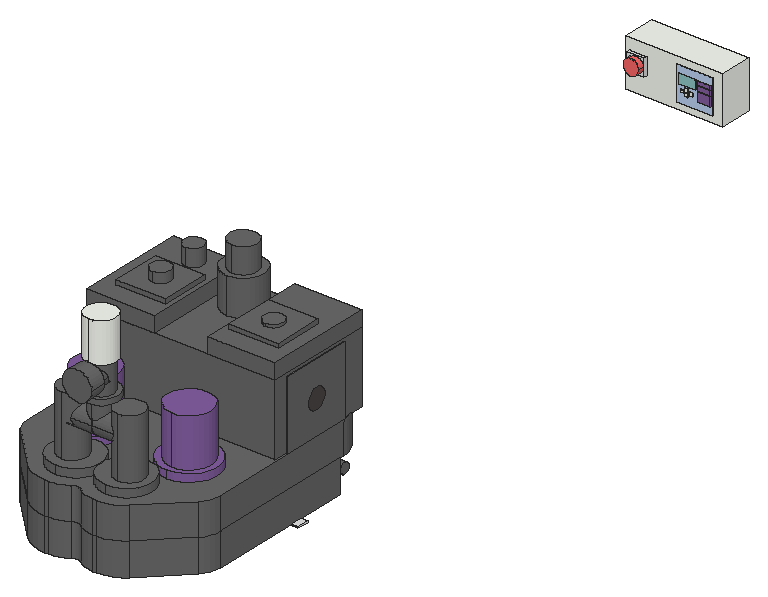
Revit family "11106", category Generic Models, Revit 2021
Family settings
  Can host rebar = No
  Round Connector Dimension = Use Diameter
  Part Type = Normal
  Work Plane-Based = No
  Always vertical = Yes
  Cut with Voids When Loaded = No
  Shared = Yes
  Room Calculation Point = No
Parameters (values of type "11106")
  SUPPLIER = "KESSEL"
  SA700ID49 = "Protection Class I"
  SA700ID48 = "no"
  SA700ID47 = "no"
  SA700ID46 = "yes"
  SA700ID37 = 16000 mm
  SA700ID34 = 47
  SA700ID33 = 3.2 W
  SA700ID32 = 101.93 kg
  SA700ID31 = 1
  SA700ID30 = 1
  SA700ID29 = "GLRD"
  SA700ID21 = 1600
  SA700ID10 = "yes"
  SA700ID08 = 400 V
  PROCUREWEBLINK = "https://p.caden.as/kessel/11106"
  PROCURELINK = "p.caden.as/kessel/11106"
  PROCUREDATALASTUPDATE = "2024-05-22T12:17:58.211701981+01:00"
  PREVIEW = "../../_pool_/53/2a/11106.png"
  PRC_SPECIFICATIONLINK = "https://ausschreiben.de/catalog/kessel/catalogItem/0fdd5ceb-971a-4570-9fc7-8333fc794f94"
  NN = "Lifting station Aqualift F XL"
  NBSYN = "$SA810ID03."
  NB = "11106"
  Model = "11106"
  Manufacturer = "KESSEL"
  MIdent = "{$CADENAS_DATA/23d-libs/kessel/kessel_vdi_import/4/entwaesserung/hebeanlage20aqualift20f20xl.prj},201 {STYP=ASS},{VTYP=3D},{NB=11106},{LINA=11106},{NN=Lifting station Aqualift F XL},{DATE=21.11.2022 10:48:11},{GEOMDATE=21.11.2022 10:48:11},{VERSION=},{LINEID=280},{WBVAR=LODLEVEL},{WBNUMERIC=LODLEVEL}  {NB=11106},{LINA=11106},{KT=DUMMY},{PREVIEW=../../_pool_/53/2a/11106.png},{SA700ID04=Hebeanlage Aqualift F XL 200 l, Mono, SPF 3000-S1, Schieber},{SA810ID06=04026092057735},{SA700ID34=47.00},{SA010ID03=201805},{SA810ID03=11106},{SA810ID10=Aqualift F XL 3000W-S1 Duo 200L m.S.KESSEL Aqualift F XL Hebeanlage für fäkalienhaltiges und fäkalienfreies Abwasser. Zur Aufstellung in frostgeschützten Räumen.Duoanlage mit zwei Pumpen des Typs SPF 3000-S1 Sammelbehälter aus Polyethylen, mit verschraubter Reinigungsöffnung,Anschlussstutzen für Zulauf von oben DN100/150.Inklusive Tauchrohr zur pneumatischen Niveauerfassung,Entlüftungsanschluss DN 70 und Anschluss für eine Handmembranpumpe DN 32.Behälter inklusive Haltewinkel zur Auftriebssicherung.Behältervolumen 200 Liter, max. Nutzvolumen bei Zulauf von oben ca. 120 Liter.Zwei seitliche und zwei rückseitige Anbohrflächen zur Montage weiterer Zuläufe bis DN 200 unter Verwendung von Durchgangsdichtungen.Inklusive KESSEL Schaltgerät Aqualift Comfort 400 V.Anwenderfreundliche Menüführung im mehrzeiligem Display. MitSelbstdiagnosesystem (SDS) und Erinnerungsfunktion für nächste Wartung.Anzeige der aktuellen Messwerte. Einfache Einstellung derfunktionsrelevanten Parameter, inklusive Betriebsstundenzähler und potentialfreiem Kontakt. Optionale Weiterleitung von Alarm- und Sammelstörmeldung über GSM Schnittstelle.Schaltgerät mit Volltextanzeige in sechs Sprachen.Abwasserpumpe(n) mit Freistromrad zur Förderung von fäkalienfreiem und fäkalienhaltigem Abwasser gemäß DIN EN 12050-1. Freier Kugeldurchgang mindestens 40 mm. Pumpe(n) überflutungssicher. Inklusive Rückflussverhinderer, mit Druckabgang aus Kunststoff DN 100. Inklusive Absperrschieber.Pumpe(n) Typ SPF 3000-S1Fördermenge: max. 47 m³/hFörderhöhe: max. 16 mNennleistung (P2): 2,7 KW je PumpeAufnahmeleistung (P1): 3,2 KW je PumpeBetriebsspannung: 400 V DSNennfrequenz: 50 HzNennstrom: 5,4 AAbsicherung: 3 x 16 A trägeSchutzart (Pumpe): IP68 3mWS/48hSchutzart (Schaltgerät): IP 65Bertiebsart: S1Kabellänge: 5 mAußenmaße Anlage mit 200 Liter Behälter (BxTxH): 760 x 980 x 770 mmGewicht ca. 101,93 kg},{SA700ID37=16.00},{SA700ID33=3.20},{SA700ID08=400},{SA700ID30=1},{SA700ID32=101.93},{SA700ID49=Schutzklasse I},{SA700ID50=intern},{SA200ID03=6},{SA250ID03=vertikal},{SA260ID03=Trockenläuferpumpe},{SA350ID03=normalansaugend},{SA400ID03=E-Motor für Drehstrom},{SA460ID03=direkt},{SA500ID03=Kunststoff, Edelstahl},{SA700ID06=100},{SA700ID07=100},{SA700ID09=3/N/PE 400V},{SA700ID10=Ja},{SA700ID11=50},{SA700ID12=IP 68},{SA700ID13=F},{SA700ID15=40},{SA700ID21=1600.00},{SA700ID22=2.70},{SA700ID23=2890},{SA700ID24=2890},{SA700ID26=5.40},{SA700ID27=41.00},{SA700ID28=durchgehend},{SA700ID29=GLRD},{SA700ID31=1},{SA700ID46=ja},{SA700ID47=nein},{SA700ID48=nein},{SA110ID04=Hebeanlage Aqualift F XL},{SA300ID03=einstufig},{SA700ID44=10.00},{SA700ID45=10.00},{SA010ID04=KESSEL AG},{LODLEVEL=200},{LINK=https://www.kessel.de/info?han=11106},{SA970ID01=970},{SA970ID02=7141},{SA970ID03=11106},{SA970ID04=11002617},{SA970ID05=QUAD},{SA970ID06=-410},{SA970ID07=-850},{SA970ID08=0},{SA970ID09=1},{SA970ID10=0},{SA970ID11=0},{SA970ID12=0},{SA970ID13=1},{SA970ID14=0},{SA970ID15=820},{SA970ID16=980},{SA970ID17=819},{LODLEVEL_=200,'Low'},{LODLEVEL_DEU=200,'Low'},{LINK_=https://www.kessel.de/info?han=11106},{LINK_DEU=https://www.kessel.de/info?han=11106},{LODLEVEL_3DB=11106_200},{DNIN1=100},{DNIN2=70},{DNIN4=10},{DNIN5=10},{DNIN6=50},{DNIN7=50},{DNIN8=50},{DNIN9=50},{DNOUT1=32},{DNOUT2=100},{DNOUT3=70},{ISD1=96},{ISD2=10},{ISDOUT1=40},{ISDOUT2=60},{ISDOUT3=65},{SA010ID01=010},{SA010ID02=4},{SA010ID06=www.kessel.de},{SA010ID07=www.kessel.de},{SA010ID12=20180713},{SA010ID13=DEU},{SA010ID14=DE},{SA100ID01=100},{SA100ID02=4},{SA100ID04=Entwässerung},{SA110ID01=110},{SA110ID02=6},{SA200ID01=200},{SA200ID02=6},{SA250ID01=250},{SA250ID02=2},{SA260ID01=260},{SA260ID02=2},{SA300ID01=300},{SA300ID02=1},{SA350ID01=350},{SA350ID02=1},{SA400ID01=400},{SA400ID02=2},{SA460ID01=460},{SA460ID02=1},{SA500ID01=500},{SA500ID02=1},{SA700ID01=700},{SA700ID02=75},{SA700ID10_=1},{SA700ID16=0},{SA700ID25=0},{SA700ID46_=1},{SA700ID47_=0},{SA700ID48_=0},{SA700ID49_=1},{SA700ID50_=2},{SA800ID01=800},{SA800ID02=39},{SA810ID01=810},{SA810ID02=75},{SA810ID04=11106},{SA810ID07=75},{SA810ID09=1},{SA810ID14=PCE},{SA810ID15=1},{SA810ID16=NMP},{SA960ID03=75},{SA960ID04=3L},{SA960ID08=https://www.kessel.de/info?han=11106},{SA010ID08=4026092000007},{SA100ID05=Hebeanlage},{SA110ID06=Hebeanlage}"
  LINK = "https://www.kessel.de/info?han=11106"
  LINA = "11106"
  Default Elevation = 0 mm
  CREATOR = "CADENAS GmbH"
  CATALOG = "KESSEL"
  BOMINFO = "LINA"
  ARTICLENO = "NB"
  4.810.00.9 Order quantity (multiplicator) = "1"
  4.810.00.7 Media- connection number = "75"
  4.810.00.6 GTIN number = "04026092057735"
  4.810.00.4 DATANORM number = "11106"
  4.810.00.3 Producer order number = "11106"
  4.710.03.7 Mass (net) = 101.93 kg
  4.710.03.6 Height = 807 mm
  4.710.03.5 Width = 760 mm
  4.710.03.4 Length = 980 mm
  4.710.03.3 Type of dimensions = "2"
  4.710.02.8 Area of application of wastewater pump = "1"
  4.710.02.6 Duty type = "S1"
  4.710.02.5 Cutting device = "0"
  4.710.02.4 Attached pump control = "1"
  4.710.02.3 Free passage = 40 mm
  4.710.01.6 Option to connect to building automation = "40"
  4.710.01.5 Load regulation = "0"
  4.710.01.4 Designation of closed-loop control = "120"
  4.710.01.3 Identifier for closed-loop control = "200"
  4.700.00.9 Voltage = 0
  4.700.00.8 Nominal connection size on suction side = "100"
  4.700.00.7 Nominal connection size on pressure side = "100"
  4.700.00.6 Type of connection = "100"
  4.700.00.4 Product indentification = "Hebeanlage Aqualift F XL 200 l, Mono, SPF 3000-S1, Schieber"
  4.700.00.28 Motor pump shaft = "durchgehend"
  4.700.00.27 Starting current = 41
  4.700.00.26 Maximum power consumption per pump / drive = 5.4
  4.700.00.25 Minimum speed at internal speed adjustment = 0
  4.700.00.24 Nominal speed / maximum speed n = 48.1667
  4.700.00.23 Nominal speed of motor = 48.1667
  4.700.00.22 Maximum shaft output (P2) per pump/drive = 2.7 W
  4.700.00.16 Maximum temperature of pumped medium = 0 °C
  4.700.00.15 Increased safety class = "40 °C"
  4.700.00.13 Type of protection = "F"
  4.700.00.12 Frequency = 0
  4.700.00.11 Stern-/Dreieck-Anlaufschaltung bei Dreiphasenanschluss oder Drehstrom = "50 Hz"
  4.700.00.10 Phase = "1"
  4.500.00.3 Variant / Variant type / Accessories-name = "Kunststoff, Edelstahl"
  4.460.00.3 Variant / Variant type / Accessories-name = "direkt"
  4.400.00.3 Variant / Variant type / Accessories-name = "E-Motor für Drehstrom"
  4.350.00.3 Variant / Variant type / Accessories-name = "normalansaugend"
  4.300.00.3 Variant / Variant type / Accessories-name = "einstufig"
  4.260.00.3 Variant / Variant type / Accessories-name = "Trockenläuferpumpe"
  4.250.00.3 Variant / Variant type / Accessories-name = "vertikal"
  4.200.00.3 Variant / Variant type / Accessories-name = "6"
  4.110.00.6 Product classification = "Hebeanlage"
  4.110.00.4 Product indentification = "Hebeanlage Aqualift F XL"
  4.100.00.5 Main groups of wares = "Hebeanlage"
  4.100.00.4 Product indentification = "Entwässerung"
  4.010.00.8 Producer ID number = "4026092000007"
  4.010.00.7 Comment = "www.kessel.de"
  4.010.00.6 Web address of the manufacturer = "www.kessel.de"
  4.010.00.4 Manufacturer name = "KESSEL AG"
  4.010.00.3 Date of issuance (month) of guideline = "201805"
  4.010.00.2 Sheet number of the guideline = "4"
  4.010.00.14 Kennungen der Projektländer, für die die Datei gültig ist = "DE"
  4.010.00.13 Sprache der Datei = "DEU"
  4.010.00.12 Stand des Herstellerkatalogs = "20180713"
Reference planes
  plane 1 "Center (Front/Back)": y = 0
  plane 2: z = 0
  plane 3 "Center (Left/Right)": x = 0
Forms (mm)
  Extrusion 1, void
    sketch origin (380.5, -115, 392) x (0, -1, 0) y (0, 0, 1)
      loop
        line (-0.5, -0.5) -> (0.5, -0.5) -> (0.5, 0.5) -> (-0.5, 0.5) -> (-0.5, -0.5)
    from 0 to 1
  Extrusion 2, void
    sketch origin (160.15, 130.5, 392) x (1, 0, 0) y (0, 0, 1)
      loop
        line (-0.5, -0.5) -> (0.5, -0.5) -> (0.5, 0.5) -> (-0.5, 0.5) -> (-0.5, -0.5)
    from 0 to 1
  Extrusion 3, void
    sketch origin (-161, 130.5, 392) x (1, 0, 0) y (0, 0, 1)
      loop
        line (-0.5, -0.5) -> (0.5, -0.5) -> (0.5, 0.5) -> (-0.5, 0.5) -> (-0.5, -0.5)
    from 0 to 1
  Extrusion 4, void
    sketch origin (-380.5, -115, 392) x (0, 1, 0) y (0, 0, 1)
      loop
        line (-0.5, -0.5) -> (0.5, -0.5) -> (0.5, 0.5) -> (-0.5, 0.5) -> (-0.5, -0.5)
    from 0 to 1
Dimensions and locks
  locked: plane 2 to Extrusion 1 at 392.5
  locked: plane 2 to Extrusion 1 at 391.5
  locked: plane 2 to Extrusion 2 at 392.5
  locked: plane 2 to Extrusion 2 at 391.5
  locked: plane 2 to Extrusion 3 at 392.5
  locked: plane 2 to Extrusion 3 at 391.5
  locked: plane 2 to Extrusion 4 at 392.5
  locked: plane 2 to Extrusion 4 at 391.5
  aligned and locked: level to plane 2
Nested families
  nested 1: "11106_content" at (0, 0, 0), type "11106_Content"
  nested 2: "11106_part1_X0Y0" at (1000, 1000, 1200), type "11106_PART1_X0Y0"
  nested 3: "11106_part2_X0Y0" at (0, 0, 0), type "11106_PART2_X0Y0"
Connectors
  electrical at (861, 933, 1201.5)
    settings: on nested 2, index 1, voltage 0 V, apparent load 0 VA, apparent load phase1 0 VA, apparent load phase2 0 VA, apparent load phase3 0 VA, power factor 1, load classification "Other", number of poles 1, system type 31, power factor state 1, is connector primary yes, connector utility no, sub classification motor no, connector description ""
  piping at (0, 0, 771), diameter 100
    settings: on nested 3, index 2, connector inside diameter 609.6 mm, connector length 0 mm, flow factor 0, pipe flow 0.0 L/s, pressure drop 0.0 Pa, fitting loss kfactor 0, connector angle 0.00°, fixture units 0, engagement length 0 mm, angle of deflection 0.00°, flow configuration 0, flow direction 1, fitting loss method 2, system type 8, joint type 0, gender type 0, connector reference index -1, connector utility 0, adjustable connector no, is connector primary yes, connector description ""
  piping at (380.5, -115, 392), diameter 70
    settings: on Extrusion 1, index 3, connector inside diameter 609.6 mm, connector length 0 mm, flow factor 0, pipe flow 0.0 L/s, pressure drop 0.0 Pa, fitting loss kfactor 0, connector angle 0.00°, fixture units 0, engagement length 0 mm, angle of deflection 0.00°, flow configuration 0, flow direction 0, fitting loss method 2, system type 8, joint type 0, gender type 0, connector reference index -1, connector utility 0, adjustable connector no, is connector primary no, connector description ""
  piping at (160.15, 130.5, 392), diameter 70
    settings: on Extrusion 2, index 4, connector inside diameter 609.6 mm, connector length 0 mm, flow factor 0, pipe flow 0.0 L/s, pressure drop 0.0 Pa, fitting loss kfactor 0, connector angle 0.00°, fixture units 0, engagement length 0 mm, angle of deflection 0.00°, flow configuration 0, flow direction 0, fitting loss method 2, system type 8, joint type 0, gender type 0, connector reference index -1, connector utility 0, adjustable connector no, is connector primary no, connector description ""
  piping at (-161, 130.5, 392), diameter 70
    settings: on Extrusion 3, index 5, connector inside diameter 609.6 mm, connector length 0 mm, flow factor 0, pipe flow 0.0 L/s, pressure drop 0.0 Pa, fitting loss kfactor 0, connector angle 0.00°, fixture units 0, engagement length 0 mm, angle of deflection 0.00°, flow configuration 0, flow direction 0, fitting loss method 2, system type 8, joint type 0, gender type 0, connector reference index -1, connector utility 0, adjustable connector no, is connector primary no, connector description ""
  piping at (-380.5, -115, 392), diameter 70
    settings: on Extrusion 4, index 6, connector inside diameter 609.6 mm, connector length 0 mm, flow factor 0, pipe flow 0.0 L/s, pressure drop 0.0 Pa, fitting loss kfactor 0, connector angle 0.00°, fixture units 0, engagement length 0 mm, angle of deflection 0.00°, flow configuration 0, flow direction 0, fitting loss method 2, system type 8, joint type 0, gender type 0, connector reference index -1, connector utility 0, adjustable connector no, is connector primary no, connector description ""
  piping at (0, -818, 611), diameter 100
    settings: on nested 3, index 7, connector inside diameter 609.6 mm, connector length 0 mm, flow factor 0, pipe flow 0.0 L/s, pressure drop 0.0 Pa, fitting loss kfactor 0, connector angle 0.00°, fixture units 0, engagement length 0 mm, angle of deflection 0.00°, flow configuration 0, flow direction 2, fitting loss method 2, system type 7, joint type 0, gender type 0, connector reference index -1, connector utility 0, adjustable connector no, is connector primary no, connector description ""
  piping at (-225, 36, 661), diameter 70
    settings: on nested 3, index 8, connector inside diameter 609.6 mm, connector length 0 mm, flow factor 0, pipe flow 0.0 L/s, pressure drop 0.0 Pa, fitting loss kfactor 0, connector angle 0.00°, fixture units 0, engagement length 0 mm, angle of deflection 0.00°, flow configuration 0, flow direction 2, fitting loss method 2, system type 7, joint type 0, gender type 0, connector reference index -1, connector utility 0, adjustable connector no, is connector primary no, connector description ""
  piping at (354.5, 56, 60), diameter 32
    settings: on nested 3, index 9, connector inside diameter 609.6 mm, connector length 0 mm, flow factor 0, pipe flow 0.0 L/s, pressure drop 0.0 Pa, fitting loss kfactor 0, connector angle 0.00°, fixture units 0, engagement length 0 mm, angle of deflection 0.00°, flow configuration 0, flow direction 2, fitting loss method 2, system type 7, joint type 0, gender type 0, connector reference index -1, connector utility 0, adjustable connector no, is connector primary no, connector description ""
  electrical at (185, -497, 477)
    settings: on nested 3, index 10, voltage 0 V, apparent load 0 VA, apparent load phase1 0 VA, apparent load phase2 0 VA, apparent load phase3 0 VA, power factor 1, load classification "Other", number of poles 1, system type 31, power factor state 1, is connector primary no, connector utility no, sub classification motor no, connector description ""
  electrical at (-185, -496.75, 477)
    settings: on nested 3, index 11, voltage 0 V, apparent load 0 VA, apparent load phase1 0 VA, apparent load phase2 0 VA, apparent load phase3 0 VA, power factor 1, load classification "Other", number of poles 1, system type 31, power factor state 1, is connector primary no, connector utility no, sub classification motor no, connector description ""
  electrical at (-222.5, -129, 650)
    settings: on nested 3, index 12, voltage 0 V, apparent load 0 VA, apparent load phase1 0 VA, apparent load phase2 0 VA, apparent load phase3 0 VA, power factor 1, load classification "Other", number of poles 1, system type 31, power factor state 1, is connector primary no, connector utility no, sub classification motor no, connector description ""
Definition of nested family "11106_part1_X0Y0"
  Parameters (values of type "11106_PART1_X0Y0")
    SUPPLIER = "KESSEL"
    SA700ID49 = "Protection Class I"
    SA700ID48 = "no"
    SA700ID47 = "no"
    SA700ID46 = "yes"
    SA700ID37 = 16000 mm
    SA700ID34 = 47
    SA700ID33 = 3.2 W
    SA700ID32 = 101.93 kg
    SA700ID31 = 1
    SA700ID30 = 1
    SA700ID29 = "GLRD"
    SA700ID21 = 1600
    SA700ID10 = "yes"
    SA700ID08 = 400 V
    PREVIEW = "../../_pool_/53/2a/11106.png"
    NBSYN = "$SA810ID03._PART1"
    NB = "11106_PART1"
    Model = "11106_PART1"
    Manufacturer = "KESSEL"
    MIdent = "{$CADENAS_DATA/23d-libs/kessel/kessel_vdi_import/4/entwaesserung/hebeanlage20aqualift20f20xl.prj},221 {VTYP=3D},{NB=11106_PART1},{LINA=11106_PART1},{NN=Lifting station Aqualift F XL_PART1},{NOPRJ=TRUE},{DATE=21.11.2022 10:48:11},{GEOMDATE=21.11.2022 10:48:11},{VERSION=},{LINEID=280},{WBVAR=LODLEVEL},{WBNUMERIC=LODLEVEL}  {NB=11106_PART1},{LINA=11106_PART1},{KT=DUMMY},{PREVIEW=../../_pool_/53/2a/11106.png},{SA700ID04=Hebeanlage Aqualift F XL 200 l, Mono, SPF 3000-S1, Schieber},{SA810ID06=04026092057735},{SA700ID34=47.00},{SA010ID03=201805},{SA810ID03=11106},{SA810ID10=Aqualift F XL 3000W-S1 Duo 200L m.S.KESSEL Aqualift F XL Hebeanlage für fäkalienhaltiges und fäkalienfreies Abwasser. Zur Aufstellung in frostgeschützten Räumen.Duoanlage mit zwei Pumpen des Typs SPF 3000-S1 Sammelbehälter aus Polyethylen, mit verschraubter Reinigungsöffnung,Anschlussstutzen für Zulauf von oben DN100/150.Inklusive Tauchrohr zur pneumatischen Niveauerfassung,Entlüftungsanschluss DN 70 und Anschluss für eine Handmembranpumpe DN 32.Behälter inklusive Haltewinkel zur Auftriebssicherung.Behältervolumen 200 Liter, max. Nutzvolumen bei Zulauf von oben ca. 120 Liter.Zwei seitliche und zwei rückseitige Anbohrflächen zur Montage weiterer Zuläufe bis DN 200 unter Verwendung von Durchgangsdichtungen.Inklusive KESSEL Schaltgerät Aqualift Comfort 400 V.Anwenderfreundliche Menüführung im mehrzeiligem Display. MitSelbstdiagnosesystem (SDS) und Erinnerungsfunktion für nächste Wartung.Anzeige der aktuellen Messwerte. Einfache Einstellung derfunktionsrelevanten Parameter, inklusive Betriebsstundenzähler und potentialfreiem Kontakt. Optionale Weiterleitung von Alarm- und Sammelstörmeldung über GSM Schnittstelle.Schaltgerät mit Volltextanzeige in sechs Sprachen.Abwasserpumpe(n) mit Freistromrad zur Förderung von fäkalienfreiem und fäkalienhaltigem Abwasser gemäß DIN EN 12050-1. Freier Kugeldurchgang mindestens 40 mm. Pumpe(n) überflutungssicher. Inklusive Rückflussverhinderer, mit Druckabgang aus Kunststoff DN 100. Inklusive Absperrschieber.Pumpe(n) Typ SPF 3000-S1Fördermenge: max. 47 m³/hFörderhöhe: max. 16 mNennleistung (P2): 2,7 KW je PumpeAufnahmeleistung (P1): 3,2 KW je PumpeBetriebsspannung: 400 V DSNennfrequenz: 50 HzNennstrom: 5,4 AAbsicherung: 3 x 16 A trägeSchutzart (Pumpe): IP68 3mWS/48hSchutzart (Schaltgerät): IP 65Bertiebsart: S1Kabellänge: 5 mAußenmaße Anlage mit 200 Liter Behälter (BxTxH): 760 x 980 x 770 mmGewicht ca. 101,93 kg},{SA700ID37=16.00},{SA700ID33=3.20},{SA700ID08=400},{SA700ID30=1},{SA700ID32=101.93},{SA700ID49=Schutzklasse I},{SA700ID50=intern},{SA200ID03=6},{SA250ID03=vertikal},{SA260ID03=Trockenläuferpumpe},{SA350ID03=normalansaugend},{SA400ID03=E-Motor für Drehstrom},{SA460ID03=direkt},{SA500ID03=Kunststoff, Edelstahl},{SA700ID06=100},{SA700ID07=100},{SA700ID09=3/N/PE 400V},{SA700ID10=Ja},{SA700ID11=50},{SA700ID12=IP 68},{SA700ID13=F},{SA700ID15=40},{SA700ID21=1600.00},{SA700ID22=2.70},{SA700ID23=2890},{SA700ID24=2890},{SA700ID26=5.40},{SA700ID27=41.00},{SA700ID28=durchgehend},{SA700ID29=GLRD},{SA700ID31=1},{SA700ID46=ja},{SA700ID47=nein},{SA700ID48=nein},{SA110ID04=Hebeanlage Aqualift F XL},{SA300ID03=einstufig},{SA700ID44=10.00},{SA700ID45=10.00},{SA010ID04=KESSEL AG},{LODLEVEL=200},{LINK=https://www.kessel.de/info?han=11106},{SA970ID01=970},{SA970ID02=7141},{SA970ID03=11106},{SA970ID04=11002617},{SA970ID05=QUAD},{SA970ID06=-410},{SA970ID07=-850},{SA970ID08=0},{SA970ID09=1},{SA970ID10=0},{SA970ID11=0},{SA970ID12=0},{SA970ID13=1},{SA970ID14=0},{SA970ID15=820},{SA970ID16=980},{SA970ID17=819},{LODLEVEL_=200,'Low'},{LODLEVEL_DEU=200,'Low'},{LINK_=https://www.kessel.de/info?han=11106},{LINK_DEU=https://www.kessel.de/info?han=11106},{LODLEVEL_3DB=11106_200},{DNIN1=100},{DNIN2=70},{DNIN4=10},{DNIN5=10},{DNIN6=50},{DNIN7=50},{DNIN8=50},{DNIN9=50},{DNOUT1=32},{DNOUT2=100},{DNOUT3=70},{ISD1=96},{ISD2=10},{ISDOUT1=40},{ISDOUT2=60},{ISDOUT3=65},{SA010ID01=010},{SA010ID02=4},{SA010ID06=www.kessel.de},{SA010ID07=www.kessel.de},{SA010ID12=20180713},{SA010ID13=DEU},{SA010ID14=DE},{SA100ID01=100},{SA100ID02=4},{SA100ID04=Entwässerung},{SA110ID01=110},{SA110ID02=6},{SA200ID01=200},{SA200ID02=6},{SA250ID01=250},{SA250ID02=2},{SA260ID01=260},{SA260ID02=2},{SA300ID01=300},{SA300ID02=1},{SA350ID01=350},{SA350ID02=1},{SA400ID01=400},{SA400ID02=2},{SA460ID01=460},{SA460ID02=1},{SA500ID01=500},{SA500ID02=1},{SA700ID01=700},{SA700ID02=75},{SA700ID10_=1},{SA700ID16=0},{SA700ID25=0},{SA700ID46_=1},{SA700ID47_=0},{SA700ID48_=0},{SA700ID49_=1},{SA700ID50_=2},{SA800ID01=800},{SA800ID02=39},{SA810ID01=810},{SA810ID02=75},{SA810ID04=11106},{SA810ID07=75},{SA810ID09=1},{SA810ID14=PCE},{SA810ID15=1},{SA810ID16=NMP},{SA960ID03=75},{SA960ID04=3L},{SA960ID08=https://www.kessel.de/info?han=11106},{SA010ID08=4026092000007},{SA100ID05=Hebeanlage},{SA110ID06=Hebeanlage}"
    LINK = "https://www.kessel.de/info?han=11106"
    LINA = "11106_PART1"
    Default Elevation = 1219.2 mm
    CREATOR = "CADENAS GmbH"
    CATALOG = "KESSEL"
    BOMINFO = "LINA"
    ARTICLENO = "NB"
    4.810.00.9 Order quantity (multiplicator) = "1"
    4.810.00.7 Media- connection number = "75"
    4.810.00.6 GTIN number = "04026092057735"
    4.810.00.4 DATANORM number = "11106"
    4.810.00.3 Producer order number = "11106"
    4.710.03.7 Mass (net) = 101.93 kg
    4.710.03.6 Height = 807 mm
    4.710.03.5 Width = 760 mm
    4.710.03.4 Length = 980 mm
    4.710.03.3 Type of dimensions = "2"
    4.710.02.8 Area of application of wastewater pump = "1"
    4.710.02.6 Duty type = "S1"
    4.710.02.5 Cutting device = "0"
    4.710.02.4 Attached pump control = "1"
    4.710.02.3 Free passage = 40 mm
    4.710.01.6 Option to connect to building automation = "40"
    4.710.01.5 Load regulation = "0"
    4.710.01.4 Designation of closed-loop control = "120"
    4.710.01.3 Identifier for closed-loop control = "200"
    4.700.00.9 Voltage = 0
    4.700.00.8 Nominal connection size on suction side = "100"
    4.700.00.7 Nominal connection size on pressure side = "100"
    4.700.00.6 Type of connection = "100"
    4.700.00.4 Product indentification = "Hebeanlage Aqualift F XL 200 l, Mono, SPF 3000-S1, Schieber"
    4.700.00.28 Motor pump shaft = "durchgehend"
    4.700.00.27 Starting current = 41
    4.700.00.26 Maximum power consumption per pump / drive = 5.4
    4.700.00.25 Minimum speed at internal speed adjustment = 0
    4.700.00.24 Nominal speed / maximum speed n = 48.1667
    4.700.00.23 Nominal speed of motor = 48.1667
    4.700.00.22 Maximum shaft output (P2) per pump/drive = 2.7 W
    4.700.00.16 Maximum temperature of pumped medium = 0 °C
    4.700.00.15 Increased safety class = "40 °C"
    4.700.00.13 Type of protection = "F"
    4.700.00.12 Frequency = 0
    4.700.00.11 Stern-/Dreieck-Anlaufschaltung bei Dreiphasenanschluss oder Drehstrom = "50 Hz"
    4.700.00.10 Phase = "1"
    4.500.00.3 Variant / Variant type / Accessories-name = "Kunststoff, Edelstahl"
    4.460.00.3 Variant / Variant type / Accessories-name = "direkt"
    4.400.00.3 Variant / Variant type / Accessories-name = "E-Motor für Drehstrom"
    4.350.00.3 Variant / Variant type / Accessories-name = "normalansaugend"
    4.300.00.3 Variant / Variant type / Accessories-name = "einstufig"
    4.260.00.3 Variant / Variant type / Accessories-name = "Trockenläuferpumpe"
    4.250.00.3 Variant / Variant type / Accessories-name = "vertikal"
    4.200.00.3 Variant / Variant type / Accessories-name = "6"
    4.110.00.6 Product classification = "Hebeanlage"
    4.110.00.4 Product indentification = "Hebeanlage Aqualift F XL"
    4.100.00.5 Main groups of wares = "Hebeanlage"
    4.100.00.4 Product indentification = "Entwässerung"
    4.010.00.8 Producer ID number = "4026092000007"
    4.010.00.7 Comment = "www.kessel.de"
    4.010.00.6 Web address of the manufacturer = "www.kessel.de"
    4.010.00.4 Manufacturer name = "KESSEL AG"
    4.010.00.3 Date of issuance (month) of guideline = "201805"
    4.010.00.2 Sheet number of the guideline = "4"
    4.010.00.14 Kennungen der Projektländer, für die die Datei gültig ist = "DE"
    4.010.00.13 Sprache der Datei = "DEU"
    4.010.00.12 Stand des Herstellerkatalogs = "20180713"
  Reference planes
    plane 1 "Center (Front/Back)": y = 0
    plane 2: z = 0
    plane 3 "Center (Left/Right)": x = 0
  Dimensions and locks
    aligned and locked: level to plane 2
  Nested families
    nested 1: "11106_part1_content" at (0, 0, 0), type "11106_PART1_Content"
  Definition of nested family "11106_part1_content"
    Parameters (values of type "11106_PART1_Content")
      SUPPLIER = "KESSEL"
      SA700ID49 = "Protection Class I"
      SA700ID48 = "no"
      SA700ID47 = "no"
      SA700ID46 = "yes"
      SA700ID37 = 16000 mm
      SA700ID34 = 47
      SA700ID33 = 3.2 W
      SA700ID32 = 101.93 kg
      SA700ID31 = 1
      SA700ID30 = 1
      SA700ID29 = "GLRD"
      SA700ID21 = 1600
      SA700ID10 = "yes"
      SA700ID08 = 400 V
      PREVIEW = "../../_pool_/53/2a/11106.png"
      NBSYN = "$SA810ID03._PART1"
      NB = "11106_PART1"
      Model = "11106_PART1"
      Manufacturer = "KESSEL"
      LINK = "https://www.kessel.de/info?han=11106"
      LINA = "11106_PART1"
      Default Elevation = 1219.2 mm
      CREATOR = "CADENAS GmbH"
      CATALOG = "KESSEL"
      BOMINFO = "LINA"
      ARTICLENO = "NB"
      4.810.00.9 Order quantity (multiplicator) = "1"
      4.810.00.7 Media- connection number = "75"
      4.810.00.6 GTIN number = "04026092057735"
      4.810.00.4 DATANORM number = "11106"
      4.810.00.3 Producer order number = "11106"
      4.710.03.7 Mass (net) = 101.93 kg
      4.710.03.6 Height = 807 mm
      4.710.03.5 Width = 760 mm
      4.710.03.4 Length = 980 mm
      4.710.03.3 Type of dimensions = "2"
      4.710.02.8 Area of application of wastewater pump = "1"
      4.710.02.6 Duty type = "S1"
      4.710.02.5 Cutting device = "0"
      4.710.02.4 Attached pump control = "1"
      4.710.02.3 Free passage = 40 mm
      4.710.01.6 Option to connect to building automation = "40"
      4.710.01.5 Load regulation = "0"
      4.710.01.4 Designation of closed-loop control = "120"
      4.710.01.3 Identifier for closed-loop control = "200"
      4.700.00.9 Voltage = 0
      4.700.00.8 Nominal connection size on suction side = "100"
      4.700.00.7 Nominal connection size on pressure side = "100"
      4.700.00.6 Type of connection = "100"
      4.700.00.4 Product indentification = "Hebeanlage Aqualift F XL 200 l, Mono, SPF 3000-S1, Schieber"
      4.700.00.28 Motor pump shaft = "durchgehend"
      4.700.00.27 Starting current = 41
      4.700.00.26 Maximum power consumption per pump / drive = 5.4
      4.700.00.25 Minimum speed at internal speed adjustment = 0
      4.700.00.24 Nominal speed / maximum speed n = 48.1667
      4.700.00.23 Nominal speed of motor = 48.1667
      4.700.00.22 Maximum shaft output (P2) per pump/drive = 2.7 W
      4.700.00.16 Maximum temperature of pumped medium = 0 °C
      4.700.00.15 Increased safety class = "40 °C"
      4.700.00.13 Type of protection = "F"
      4.700.00.12 Frequency = 0
      4.700.00.11 Stern-/Dreieck-Anlaufschaltung bei Dreiphasenanschluss oder Drehstrom = "50 Hz"
      4.700.00.10 Phase = "1"
      4.500.00.3 Variant / Variant type / Accessories-name = "Kunststoff, Edelstahl"
      4.460.00.3 Variant / Variant type / Accessories-name = "direkt"
      4.400.00.3 Variant / Variant type / Accessories-name = "E-Motor für Drehstrom"
      4.350.00.3 Variant / Variant type / Accessories-name = "normalansaugend"
      4.300.00.3 Variant / Variant type / Accessories-name = "einstufig"
      4.260.00.3 Variant / Variant type / Accessories-name = "Trockenläuferpumpe"
      4.250.00.3 Variant / Variant type / Accessories-name = "vertikal"
      4.200.00.3 Variant / Variant type / Accessories-name = "6"
      4.110.00.6 Product classification = "Hebeanlage"
      4.110.00.4 Product indentification = "Hebeanlage Aqualift F XL"
      4.100.00.5 Main groups of wares = "Hebeanlage"
      4.100.00.4 Product indentification = "Entwässerung"
      4.010.00.8 Producer ID number = "4026092000007"
      4.010.00.7 Comment = "www.kessel.de"
      4.010.00.6 Web address of the manufacturer = "www.kessel.de"
      4.010.00.4 Manufacturer name = "KESSEL AG"
      4.010.00.3 Date of issuance (month) of guideline = "201805"
      4.010.00.2 Sheet number of the guideline = "4"
      4.010.00.14 Kennungen der Projektländer, für die die Datei gültig ist = "DE"
      4.010.00.13 Sprache der Datei = "DEU"
      4.010.00.12 Stand des Herstellerkatalogs = "20180713"
    Reference planes
      plane 1 "Center (Front/Back)": y = 0
      plane 2: z = 0
      plane 3 "Center (Left/Right)": x = 0
    Forms (mm)
      Extrusion 1, solid, detail levels medium+fine
        sketch origin (189.25, -1.75, 0.2) x (0, -1, 0) y (0, 0, 1)
          loop
            line (0, 187.8) -> (0, 0) -> (127.75, 0) -> (127.75, 187.8) -> (0, 187.8)
        from 0 to 378.5
      Extrusion 2, solid, detail levels medium+fine
        sketch origin (-4, -67, 0) x (0, 1, 0) y (-1, 0, 0)
          loop
            circle (0, 0) r 12.5
        from 0 to 1.5
      Extrusion 3, solid, detail levels medium+fine
        sketch origin (150.8, -129.5, 26.5) x (0, -1, 0) y (0, 0, 1)
          loop
            line (-1.2, 134.8) -> (-1.2, 0) -> (0.25, 0) -> (0.25, 134.8) -> (-1.2, 134.8)
        from 0 to 139.9
      Extrusion 4, solid, detail levels medium+fine
        sketch origin (72.55, -129.75, 66) x (0, -1, 0) y (0, 0, 1)
          loop
            line (-1, 12) -> (-1, 0) -> (0.5, 0) -> (0.5, 12) -> (-1, 12)
        from 0 to 12
      Extrusion 5, solid, detail levels medium+fine
        sketch origin (84.45, -129.75, 93.4) x (0, -1, 0) y (0, 0, 1)
          loop
            line (-1, 37) -> (-1, 0) -> (0.5, 0) -> (0.5, 37) -> (-1, 37)
        from 0 to 66
      Extrusion 6, solid, detail levels medium+fine
        sketch origin (55.3, -129.75, 74) x (0, -1, 0) y (0, 0, 1)
          loop
            line (-1, 12) -> (-1, 0) -> (0.5, 0) -> (0.5, 12) -> (-1, 12)
        from 0 to 12
      Extrusion 7, solid, detail levels medium+fine
        sketch origin (143.3, -129.75, 94.4) x (0, -1, 0) y (0, 0, 1)
          loop
            line (0, 16) -> (0, 0) -> (1.75, 0) -> (1.75, 16) -> (0, 16)
        from 0 to 51
      Extrusion 8, solid, detail levels medium+fine
        sketch origin (143.3, -129.75, 54.4) x (0, -1, 0) y (0, 0, 1)
          loop
            line (0, 36) -> (0, 0) -> (1.75, 0) -> (1.75, 36) -> (0, 36)
        from 0 to 51
      Extrusion 9, solid, detail levels medium+fine
        sketch origin (55.3, -129.75, 57.5) x (0, -1, 0) y (0, 0, 1)
          loop
            line (-1, 12) -> (-1, 0) -> (0.5, 0) -> (0.5, 12) -> (-1, 12)
        from 0 to 12
      Extrusion 10, solid, detail levels medium+fine
        sketch origin (143.3, -129.75, 114.4) x (0, -1, 0) y (0, 0, 1)
          loop
            line (0, 16) -> (0, 0) -> (1.75, 0) -> (1.75, 16) -> (0, 16)
        from 0 to 51
      Extrusion 11, solid, detail levels medium+fine
        sketch origin (38.05, -129.75, 66) x (0, -1, 0) y (0, 0, 1)
          loop
            line (-1, 12) -> (-1, 0) -> (0.5, 0) -> (0.5, 12) -> (-1, 12)
        from 0 to 12
      Extrusion 12, solid, detail levels medium+fine
        sketch origin (47, -72, 0) x (0, 1, 0) y (-1, 0, 0)
          loop
            circle (0, 0) r 8
        from 0 to 1.5
      Extrusion 13, solid, detail levels medium+fine
        sketch origin (47, -42, 0) x (0, 1, 0) y (-1, 0, 0)
          loop
            circle (0, 0) r 5.25
        from 0 to 1.5
      Extrusion 14, solid, detail levels medium+fine
        sketch origin (77, -72, 0) x (0, 1, 0) y (-1, 0, 0)
          loop
            circle (0, 0) r 8
        from 0 to 1.5
      Extrusion 15, solid, detail levels medium+fine
        sketch origin (-94, -67, 0) x (0, 1, 0) y (-1, 0, 0)
          loop
            circle (0, 0) r 12.5
        from 0 to 1.5
      Extrusion 16, solid, detail levels medium+fine
        sketch origin (92, -42, 0) x (0, 1, 0) y (-1, 0, 0)
          loop
            circle (0, 0) r 8
        from 0 to 1.5
      Extrusion 17, solid, detail levels medium+fine
        sketch origin (107, -72, 0) x (0, 1, 0) y (-1, 0, 0)
          loop
            circle (0, 0) r 8
        from 0 to 1.5
      Extrusion 18, solid, detail levels medium+fine
        sketch origin (122, -42, 0) x (0, 1, 0) y (-1, 0, 0)
          loop
            circle (0, 0) r 8
        from 0 to 1.5
      Extrusion 19, solid, detail levels medium+fine
        sketch origin (-107.7, -129.5, 76.9) x (0, -1, 0) y (0, 0, 1)
          loop
            line (0, 67) -> (0, 0) -> (14, 0) -> (14, 67) -> (0, 67)
        from 0 to 67
      Extrusion 20, solid, detail levels medium+fine
        sketch origin (-141.2, -143.5, 110.4) x (1, 0, 0) y (0, 0, 1)
          loop
            circle (0, 0) r 30
        from 0 to 22
      Extrusion 21, solid, detail levels medium+fine
        sketch origin (127, -15, 0) x (0, 1, 0) y (-1, 0, 0)
          loop
            circle (0, 0) r 6
        from 0 to 1.5
      Extrusion 22, solid, detail levels medium+fine
        sketch origin (137, -72, 0) x (0, 1, 0) y (-1, 0, 0)
          loop
            circle (0, 0) r 8
        from 0 to 1.5
      Extrusion 23, solid, detail levels medium+fine
        sketch origin (-139, -67, 0) x (0, 1, 0) y (-1, 0, 0)
          loop
            circle (0, 0) r 12.5
        from 0 to 1.5
      Extrusion 24, solid, detail levels medium+fine
        sketch origin (152, -42, 0) x (0, 1, 0) y (-1, 0, 0)
          loop
            circle (0, 0) r 8
        from 0 to 1.5
      Extrusion 25, solid, detail levels coarse
        sketch origin (0, -83.625, 0) x (1, 0, 0) y (0, 1, 0)
          loop
            line (-189.25, -81.875) -> (189.25, -81.875) -> (189.25, 81.875) -> (-189.25, 81.875) -> (-189.25, -81.875)
        from 0 to 188
    Dimensions and locks
      aligned and locked: level to plane 2
Definition of nested family "11106_part2_X0Y0"
  Parameters (values of type "11106_PART2_X0Y0")
    SUPPLIER = "KESSEL"
    SA700ID49 = "Protection Class I"
    SA700ID48 = "no"
    SA700ID47 = "no"
    SA700ID46 = "yes"
    SA700ID37 = 16000 mm
    SA700ID34 = 47
    SA700ID33 = 3.2 W
    SA700ID32 = 101.93 kg
    SA700ID31 = 1
    SA700ID30 = 1
    SA700ID29 = "GLRD"
    SA700ID21 = 1600
    SA700ID10 = "yes"
    SA700ID08 = 400 V
    PREVIEW = "../../_pool_/53/2a/11106.png"
    NBSYN = "$SA810ID03._PART2"
    NB = "11106_PART2"
    Model = "11106_PART2"
    Manufacturer = "KESSEL"
    MIdent = "{$CADENAS_DATA/23d-libs/kessel/kessel_vdi_import/4/entwaesserung/hebeanlage20aqualift20f20xl.prj},221 {VTYP=3D},{NB=11106_PART2},{LINA=11106_PART2},{NN=Lifting station Aqualift F XL_PART2},{NOPRJ=TRUE},{DATE=21.11.2022 10:48:11},{GEOMDATE=21.11.2022 10:48:11},{VERSION=},{LINEID=280},{WBVAR=LODLEVEL},{WBNUMERIC=LODLEVEL}  {NB=11106_PART2},{LINA=11106_PART2},{KT=DUMMY},{PREVIEW=../../_pool_/53/2a/11106.png},{SA700ID04=Hebeanlage Aqualift F XL 200 l, Mono, SPF 3000-S1, Schieber},{SA810ID06=04026092057735},{SA700ID34=47.00},{SA010ID03=201805},{SA810ID03=11106},{SA810ID10=Aqualift F XL 3000W-S1 Duo 200L m.S.KESSEL Aqualift F XL Hebeanlage für fäkalienhaltiges und fäkalienfreies Abwasser. Zur Aufstellung in frostgeschützten Räumen.Duoanlage mit zwei Pumpen des Typs SPF 3000-S1 Sammelbehälter aus Polyethylen, mit verschraubter Reinigungsöffnung,Anschlussstutzen für Zulauf von oben DN100/150.Inklusive Tauchrohr zur pneumatischen Niveauerfassung,Entlüftungsanschluss DN 70 und Anschluss für eine Handmembranpumpe DN 32.Behälter inklusive Haltewinkel zur Auftriebssicherung.Behältervolumen 200 Liter, max. Nutzvolumen bei Zulauf von oben ca. 120 Liter.Zwei seitliche und zwei rückseitige Anbohrflächen zur Montage weiterer Zuläufe bis DN 200 unter Verwendung von Durchgangsdichtungen.Inklusive KESSEL Schaltgerät Aqualift Comfort 400 V.Anwenderfreundliche Menüführung im mehrzeiligem Display. MitSelbstdiagnosesystem (SDS) und Erinnerungsfunktion für nächste Wartung.Anzeige der aktuellen Messwerte. Einfache Einstellung derfunktionsrelevanten Parameter, inklusive Betriebsstundenzähler und potentialfreiem Kontakt. Optionale Weiterleitung von Alarm- und Sammelstörmeldung über GSM Schnittstelle.Schaltgerät mit Volltextanzeige in sechs Sprachen.Abwasserpumpe(n) mit Freistromrad zur Förderung von fäkalienfreiem und fäkalienhaltigem Abwasser gemäß DIN EN 12050-1. Freier Kugeldurchgang mindestens 40 mm. Pumpe(n) überflutungssicher. Inklusive Rückflussverhinderer, mit Druckabgang aus Kunststoff DN 100. Inklusive Absperrschieber.Pumpe(n) Typ SPF 3000-S1Fördermenge: max. 47 m³/hFörderhöhe: max. 16 mNennleistung (P2): 2,7 KW je PumpeAufnahmeleistung (P1): 3,2 KW je PumpeBetriebsspannung: 400 V DSNennfrequenz: 50 HzNennstrom: 5,4 AAbsicherung: 3 x 16 A trägeSchutzart (Pumpe): IP68 3mWS/48hSchutzart (Schaltgerät): IP 65Bertiebsart: S1Kabellänge: 5 mAußenmaße Anlage mit 200 Liter Behälter (BxTxH): 760 x 980 x 770 mmGewicht ca. 101,93 kg},{SA700ID37=16.00},{SA700ID33=3.20},{SA700ID08=400},{SA700ID30=1},{SA700ID32=101.93},{SA700ID49=Schutzklasse I},{SA700ID50=intern},{SA200ID03=6},{SA250ID03=vertikal},{SA260ID03=Trockenläuferpumpe},{SA350ID03=normalansaugend},{SA400ID03=E-Motor für Drehstrom},{SA460ID03=direkt},{SA500ID03=Kunststoff, Edelstahl},{SA700ID06=100},{SA700ID07=100},{SA700ID09=3/N/PE 400V},{SA700ID10=Ja},{SA700ID11=50},{SA700ID12=IP 68},{SA700ID13=F},{SA700ID15=40},{SA700ID21=1600.00},{SA700ID22=2.70},{SA700ID23=2890},{SA700ID24=2890},{SA700ID26=5.40},{SA700ID27=41.00},{SA700ID28=durchgehend},{SA700ID29=GLRD},{SA700ID31=1},{SA700ID46=ja},{SA700ID47=nein},{SA700ID48=nein},{SA110ID04=Hebeanlage Aqualift F XL},{SA300ID03=einstufig},{SA700ID44=10.00},{SA700ID45=10.00},{SA010ID04=KESSEL AG},{LODLEVEL=200},{LINK=https://www.kessel.de/info?han=11106},{SA970ID01=970},{SA970ID02=7141},{SA970ID03=11106},{SA970ID04=11002617},{SA970ID05=QUAD},{SA970ID06=-410},{SA970ID07=-850},{SA970ID08=0},{SA970ID09=1},{SA970ID10=0},{SA970ID11=0},{SA970ID12=0},{SA970ID13=1},{SA970ID14=0},{SA970ID15=820},{SA970ID16=980},{SA970ID17=819},{LODLEVEL_=200,'Low'},{LODLEVEL_DEU=200,'Low'},{LINK_=https://www.kessel.de/info?han=11106},{LINK_DEU=https://www.kessel.de/info?han=11106},{LODLEVEL_3DB=11106_200},{DNIN1=100},{DNIN2=70},{DNIN4=10},{DNIN5=10},{DNIN6=50},{DNIN7=50},{DNIN8=50},{DNIN9=50},{DNOUT1=32},{DNOUT2=100},{DNOUT3=70},{ISD1=96},{ISD2=10},{ISDOUT1=40},{ISDOUT2=60},{ISDOUT3=65},{SA010ID01=010},{SA010ID02=4},{SA010ID06=www.kessel.de},{SA010ID07=www.kessel.de},{SA010ID12=20180713},{SA010ID13=DEU},{SA010ID14=DE},{SA100ID01=100},{SA100ID02=4},{SA100ID04=Entwässerung},{SA110ID01=110},{SA110ID02=6},{SA200ID01=200},{SA200ID02=6},{SA250ID01=250},{SA250ID02=2},{SA260ID01=260},{SA260ID02=2},{SA300ID01=300},{SA300ID02=1},{SA350ID01=350},{SA350ID02=1},{SA400ID01=400},{SA400ID02=2},{SA460ID01=460},{SA460ID02=1},{SA500ID01=500},{SA500ID02=1},{SA700ID01=700},{SA700ID02=75},{SA700ID10_=1},{SA700ID16=0},{SA700ID25=0},{SA700ID46_=1},{SA700ID47_=0},{SA700ID48_=0},{SA700ID49_=1},{SA700ID50_=2},{SA800ID01=800},{SA800ID02=39},{SA810ID01=810},{SA810ID02=75},{SA810ID04=11106},{SA810ID07=75},{SA810ID09=1},{SA810ID14=PCE},{SA810ID15=1},{SA810ID16=NMP},{SA960ID03=75},{SA960ID04=3L},{SA960ID08=https://www.kessel.de/info?han=11106},{SA010ID08=4026092000007},{SA100ID05=Hebeanlage},{SA110ID06=Hebeanlage}"
    LINK = "https://www.kessel.de/info?han=11106"
    LINA = "11106_PART2"
    Default Elevation = 1219.2 mm
    CREATOR = "CADENAS GmbH"
    CATALOG = "KESSEL"
    BOMINFO = "LINA"
    ARTICLENO = "NB"
    4.810.00.9 Order quantity (multiplicator) = "1"
    4.810.00.7 Media- connection number = "75"
    4.810.00.6 GTIN number = "04026092057735"
    4.810.00.4 DATANORM number = "11106"
    4.810.00.3 Producer order number = "11106"
    4.710.03.7 Mass (net) = 101.93 kg
    4.710.03.6 Height = 807 mm
    4.710.03.5 Width = 760 mm
    4.710.03.4 Length = 980 mm
    4.710.03.3 Type of dimensions = "2"
    4.710.02.8 Area of application of wastewater pump = "1"
    4.710.02.6 Duty type = "S1"
    4.710.02.5 Cutting device = "0"
    4.710.02.4 Attached pump control = "1"
    4.710.02.3 Free passage = 40 mm
    4.710.01.6 Option to connect to building automation = "40"
    4.710.01.5 Load regulation = "0"
    4.710.01.4 Designation of closed-loop control = "120"
    4.710.01.3 Identifier for closed-loop control = "200"
    4.700.00.9 Voltage = 0
    4.700.00.8 Nominal connection size on suction side = "100"
    4.700.00.7 Nominal connection size on pressure side = "100"
    4.700.00.6 Type of connection = "100"
    4.700.00.4 Product indentification = "Hebeanlage Aqualift F XL 200 l, Mono, SPF 3000-S1, Schieber"
    4.700.00.28 Motor pump shaft = "durchgehend"
    4.700.00.27 Starting current = 41
    4.700.00.26 Maximum power consumption per pump / drive = 5.4
    4.700.00.25 Minimum speed at internal speed adjustment = 0
    4.700.00.24 Nominal speed / maximum speed n = 48.1667
    4.700.00.23 Nominal speed of motor = 48.1667
    4.700.00.22 Maximum shaft output (P2) per pump/drive = 2.7 W
    4.700.00.16 Maximum temperature of pumped medium = 0 °C
    4.700.00.15 Increased safety class = "40 °C"
    4.700.00.13 Type of protection = "F"
    4.700.00.12 Frequency = 0
    4.700.00.11 Stern-/Dreieck-Anlaufschaltung bei Dreiphasenanschluss oder Drehstrom = "50 Hz"
    4.700.00.10 Phase = "1"
    4.500.00.3 Variant / Variant type / Accessories-name = "Kunststoff, Edelstahl"
    4.460.00.3 Variant / Variant type / Accessories-name = "direkt"
    4.400.00.3 Variant / Variant type / Accessories-name = "E-Motor für Drehstrom"
    4.350.00.3 Variant / Variant type / Accessories-name = "normalansaugend"
    4.300.00.3 Variant / Variant type / Accessories-name = "einstufig"
    4.260.00.3 Variant / Variant type / Accessories-name = "Trockenläuferpumpe"
    4.250.00.3 Variant / Variant type / Accessories-name = "vertikal"
    4.200.00.3 Variant / Variant type / Accessories-name = "6"
    4.110.00.6 Product classification = "Hebeanlage"
    4.110.00.4 Product indentification = "Hebeanlage Aqualift F XL"
    4.100.00.5 Main groups of wares = "Hebeanlage"
    4.100.00.4 Product indentification = "Entwässerung"
    4.010.00.8 Producer ID number = "4026092000007"
    4.010.00.7 Comment = "www.kessel.de"
    4.010.00.6 Web address of the manufacturer = "www.kessel.de"
    4.010.00.4 Manufacturer name = "KESSEL AG"
    4.010.00.3 Date of issuance (month) of guideline = "201805"
    4.010.00.2 Sheet number of the guideline = "4"
    4.010.00.14 Kennungen der Projektländer, für die die Datei gültig ist = "DE"
    4.010.00.13 Sprache der Datei = "DEU"
    4.010.00.12 Stand des Herstellerkatalogs = "20180713"
  Reference planes
    plane 1 "Center (Front/Back)": y = 0
    plane 2: z = 0
    plane 3 "Center (Left/Right)": x = 0
  Dimensions and locks
    aligned and locked: level to plane 2
  Nested families
    nested 1: "11106_part2_content" at (0, 0, 0), type "11106_PART2_Content"
  Definition of nested family "11106_part2_content"
    Parameters (values of type "11106_PART2_Content")
      SUPPLIER = "KESSEL"
      SA700ID49 = "Protection Class I"
      SA700ID48 = "no"
      SA700ID47 = "no"
      SA700ID46 = "yes"
      SA700ID37 = 16000 mm
      SA700ID34 = 47
      SA700ID33 = 3.2 W
      SA700ID32 = 101.93 kg
      SA700ID31 = 1
      SA700ID30 = 1
      SA700ID29 = "GLRD"
      SA700ID21 = 1600
      SA700ID10 = "yes"
      SA700ID08 = 400 V
      PREVIEW = "../../_pool_/53/2a/11106.png"
      NBSYN = "$SA810ID03._PART2"
      NB = "11106_PART2"
      Model = "11106_PART2"
      Manufacturer = "KESSEL"
      LINK = "https://www.kessel.de/info?han=11106"
      LINA = "11106_PART2"
      Default Elevation = 1219.2 mm
      CREATOR = "CADENAS GmbH"
      CATALOG = "KESSEL"
      BOMINFO = "LINA"
      ARTICLENO = "NB"
      4.810.00.9 Order quantity (multiplicator) = "1"
      4.810.00.7 Media- connection number = "75"
      4.810.00.6 GTIN number = "04026092057735"
      4.810.00.4 DATANORM number = "11106"
      4.810.00.3 Producer order number = "11106"
      4.710.03.7 Mass (net) = 101.93 kg
      4.710.03.6 Height = 807 mm
      4.710.03.5 Width = 760 mm
      4.710.03.4 Length = 980 mm
      4.710.03.3 Type of dimensions = "2"
      4.710.02.8 Area of application of wastewater pump = "1"
      4.710.02.6 Duty type = "S1"
      4.710.02.5 Cutting device = "0"
      4.710.02.4 Attached pump control = "1"
      4.710.02.3 Free passage = 40 mm
      4.710.01.6 Option to connect to building automation = "40"
      4.710.01.5 Load regulation = "0"
      4.710.01.4 Designation of closed-loop control = "120"
      4.710.01.3 Identifier for closed-loop control = "200"
      4.700.00.9 Voltage = 0
      4.700.00.8 Nominal connection size on suction side = "100"
      4.700.00.7 Nominal connection size on pressure side = "100"
      4.700.00.6 Type of connection = "100"
      4.700.00.4 Product indentification = "Hebeanlage Aqualift F XL 200 l, Mono, SPF 3000-S1, Schieber"
      4.700.00.28 Motor pump shaft = "durchgehend"
      4.700.00.27 Starting current = 41
      4.700.00.26 Maximum power consumption per pump / drive = 5.4
      4.700.00.25 Minimum speed at internal speed adjustment = 0
      4.700.00.24 Nominal speed / maximum speed n = 48.1667
      4.700.00.23 Nominal speed of motor = 48.1667
      4.700.00.22 Maximum shaft output (P2) per pump/drive = 2.7 W
      4.700.00.16 Maximum temperature of pumped medium = 0 °C
      4.700.00.15 Increased safety class = "40 °C"
      4.700.00.13 Type of protection = "F"
      4.700.00.12 Frequency = 0
      4.700.00.11 Stern-/Dreieck-Anlaufschaltung bei Dreiphasenanschluss oder Drehstrom = "50 Hz"
      4.700.00.10 Phase = "1"
      4.500.00.3 Variant / Variant type / Accessories-name = "Kunststoff, Edelstahl"
      4.460.00.3 Variant / Variant type / Accessories-name = "direkt"
      4.400.00.3 Variant / Variant type / Accessories-name = "E-Motor für Drehstrom"
      4.350.00.3 Variant / Variant type / Accessories-name = "normalansaugend"
      4.300.00.3 Variant / Variant type / Accessories-name = "einstufig"
      4.260.00.3 Variant / Variant type / Accessories-name = "Trockenläuferpumpe"
      4.250.00.3 Variant / Variant type / Accessories-name = "vertikal"
      4.200.00.3 Variant / Variant type / Accessories-name = "6"
      4.110.00.6 Product classification = "Hebeanlage"
      4.110.00.4 Product indentification = "Hebeanlage Aqualift F XL"
      4.100.00.5 Main groups of wares = "Hebeanlage"
      4.100.00.4 Product indentification = "Entwässerung"
      4.010.00.8 Producer ID number = "4026092000007"
      4.010.00.7 Comment = "www.kessel.de"
      4.010.00.6 Web address of the manufacturer = "www.kessel.de"
      4.010.00.4 Manufacturer name = "KESSEL AG"
      4.010.00.3 Date of issuance (month) of guideline = "201805"
      4.010.00.2 Sheet number of the guideline = "4"
      4.010.00.14 Kennungen der Projektländer, für die die Datei gültig ist = "DE"
      4.010.00.13 Sprache der Datei = "DEU"
      4.010.00.12 Stand des Herstellerkatalogs = "20180713"
    Reference planes
      plane 1 "Center (Front/Back)": y = 0
      plane 2: z = 0
      plane 3 "Center (Left/Right)": x = 0
    Forms (mm)
      Extrusion 1, solid, detail levels medium+fine
        sketch origin (0, -700, 130.5) x (1, 0, 0) y (0, 1, 0)
          loop
            arc (-379.67, 111.11) -> (-372.064, 72.826) -> (-350.38, 40.37) r 99.994
            line (-350.38, 40.37) -> (-201.01, -108.99)
            arc (-201.01, -108.99) -> (-155.599, -139.342) -> (-102.029, -150) r 139.954
            line (-102.029, -150) -> (-87.172, -150)
            arc (-87.172, -150) -> (-50.741, -143.793) -> (-18.421, -125.871) r 110.009
            arc (-18.421, -125.871) -> (0.33, -119.29) -> (19.081, -125.871) r 30.004
            arc (19.081, -125.871) -> (51.401, -143.793) -> (87.832, -150) r 110.009
            line (87.832, -150) -> (102.68, -150)
            arc (102.68, -150) -> (156.256, -139.343) -> (201.675, -108.995) r 140
            line (201.675, -108.995) -> (351.043, 40.373)
            arc (351.043, 40.373) -> (372.718, 72.813) -> (380.33, 111.079) r 99.994
            line (380.33, 111.079) -> (380.33, 721.05)
            arc (380.33, 721.05) -> (355.602, 786.915) -> (293.62, 820.2) r 100.014
            line (293.62, 820.2) -> (-292.95, 820.2)
            arc (-292.95, 820.2) -> (-354.938, 786.918) -> (-379.67, 721.05) r 100.011
            line (-379.67, 721.05) -> (-379.67, 111.11)
        from 0 to 125.5
      Extrusion 2, solid, detail levels medium+fine
        sketch origin (0, -700, 1) x (1, 0, 0) y (0, 1, 0)
          loop
            arc (-379.67, 111.11) -> (-372.064, 72.826) -> (-350.38, 40.37) r 99.994
            line (-350.38, 40.37) -> (-201.01, -108.99)
            arc (-201.01, -108.99) -> (-155.599, -139.342) -> (-102.029, -150) r 139.954
            line (-102.029, -150) -> (-87.172, -150)
            arc (-87.172, -150) -> (-50.741, -143.793) -> (-18.421, -125.871) r 110.009
            arc (-18.421, -125.871) -> (0.33, -119.29) -> (19.081, -125.871) r 30.004
            arc (19.081, -125.871) -> (51.401, -143.793) -> (87.832, -150) r 110.009
            line (87.832, -150) -> (102.68, -150)
            arc (102.68, -150) -> (156.256, -139.343) -> (201.675, -108.995) r 140
            line (201.675, -108.995) -> (351.043, 40.373)
            arc (351.043, 40.373) -> (372.718, 72.813) -> (380.33, 111.079) r 99.994
            line (380.33, 111.079) -> (380.33, 699.2) -> (271, 699.2) -> (271, 820.2) -> (-292.95, 820.2)
            arc (-292.95, 820.2) -> (-354.938, 786.918) -> (-379.67, 721.05) r 100.011
            line (-379.67, 721.05) -> (-379.67, 111.11)
        from 0 to 129.5
      Extrusion 3, solid, detail levels medium+fine
        sketch origin (185, -497, 256) x (0, 1, 0) y (-1, 0, 0)
          loop
            circle (0, 0) r 110
        from 0 to 30
      Extrusion 4, solid, detail levels medium+fine
        sketch origin (185, -497, 286) x (0, 1, 0) y (-1, 0, 0)
          loop
            circle (0, 0) r 86
        from 0 to 191
      Extrusion 5, solid, detail levels medium+fine
        sketch origin (100, -700, 256) x (0, 1, 0) y (-1, 0, 0)
          loop
            circle (0, 0) r 100
        from 0 to 32
      Extrusion 6, solid, detail levels medium+fine
        sketch origin (112, -700, 288) x (0, 1, 0) y (-1, 0, 0)
          loop
            circle (0, 0) r 56
        from 0 to 234
      Extrusion 7, solid, detail levels medium+fine
        sketch origin (0, -700, 440) x (0, 1, 0) y (0, 0, 1)
          loop
            circle (0, 0) r 48.5
        from 0 to 112
      Extrusion 8, solid, detail levels medium+fine
        sketch origin (0, -700, 440) x (0, 1, 0) y (-1, 0, 0)
          loop
            circle (0, 0) r 45
        from 0 to 87
      Extrusion 9, solid, detail levels medium+fine
        sketch origin (0, -700, 527) x (0, 1, 0) y (-1, 0, 0)
          loop
            circle (0, 0) r 67
        from 0 to 21
      Extrusion 10, solid, detail levels medium+fine
        sketch origin (0, -700, 548) x (0, 1, 0) y (-1, 0, 0)
          loop
            circle (0, 0) r 48
        from 0 to 115.8
      Extrusion 11, solid, detail levels medium+fine
        sketch origin (0, -700, 611) x (1, 0, 0) y (0, 0, 1)
          loop
            circle (0, 0) r 43
        from 0 to 58
      Extrusion 12, solid, detail levels medium+fine
        sketch origin (0, -758, 611) x (1, 0, 0) y (0, 0, 1)
          loop
            circle (0, 0) r 57
        from 0 to 60
      Extrusion 13, solid, detail levels medium+fine
        sketch origin (0, -700, 440) x (0, -1, 0) y (0, 0, 1)
          loop
            circle (0, 0) r 48.5
        from 0 to 112
      Extrusion 14, solid, detail levels medium+fine
        sketch origin (-112, -700, 288) x (0, -1, 0) y (1, 0, 0)
          loop
            circle (0, 0) r 56
        from 0 to 234
      Extrusion 15, solid, detail levels medium+fine
        sketch origin (-100, -700, 255) x (0, -1, 0) y (1, 0, 0)
          loop
            circle (0, 0) r 100.1
        from 0 to 33
      Extrusion 16, solid, detail levels medium+fine
        sketch origin (0, -700, 663.8) x (0, 1, 0) y (-1, 0, 0)
          loop
            circle (0, 0) r 58.5
        from 0 to 155.2
      Extrusion 17, solid, detail levels medium+fine
        sketch origin (-185, -496.75, 256) x (0, 1, 0) y (-1, 0, 0)
          loop
            circle (0, 0) r 110
        from 0 to 30
      Extrusion 18, solid, detail levels medium+fine
        sketch origin (-185, -496.75, 286) x (0, 1, 0) y (-1, 0, 0)
          loop
            circle (0, 0) r 86
        from 0 to 191
      Extrusion 19, solid, detail levels medium+fine
        sketch origin (-370, -305.8, 256) x (0, 1, 0) y (0, 0, 1)
          loop
            line (0, 279) -> (0, 0) -> (425.8, 0) -> (425.8, 279) -> (0, 279)
        from 0 to 740
      Extrusion 20, solid, detail levels medium+fine
        sketch origin (0, 0, 535) x (0, 1, 0) y (-1, 0, 0)
          loop
            circle (0, 0) r 80
        from 0 to 140
      Extrusion 21, solid, detail levels medium+fine
        sketch origin (0, 0, 675) x (0, 1, 0) y (-1, 0, 0)
          loop
            circle (0, 0) r 55
        from 0 to 96
      Extrusion 22, solid, detail levels medium+fine
        sketch origin (19.12, 120, 161) x (0, 1, 0) y (0, 0, 1)
          loop
            line (0, 366.75) -> (0, 0) -> (10, 0) -> (10, 366.75) -> (0, 366.75)
        from 0 to 281.75
      Extrusion 23, solid, detail levels medium+fine
        sketch origin (160.15, 129, 392) x (1, 0, 0) y (0, 0, -1)
          loop
            circle (0, 0) r 40
        from 0 to 1.6
      Extrusion 24, solid, detail levels medium+fine
        sketch origin (-300.88, 120, 161) x (0, 1, 0) y (0, 0, 1)
          loop
            line (0, 366.75) -> (0, 0) -> (10, 0) -> (10, 366.75) -> (0, 366.75)
        from 0 to 281.75
      Extrusion 25, solid, detail levels medium+fine
        sketch origin (-161, 129, 392) x (1, 0, 0) y (0, 0, -1)
          loop
            circle (0, 0) r 40
        from 0 to 1.6
      Extrusion 26, solid, detail levels medium+fine
        sketch origin (-370, -305.8, 535) x (0, 1, 0) y (0, 0, 1)
          loop
            line (0, 61) -> (0, 0) -> (425.8, 0) -> (425.8, 61) -> (0, 61)
        from 0 to 265
      Extrusion 27, solid, detail levels medium+fine
        sketch origin (-320, -226.5, 596) x (0, 1, 0) y (0, 0, 1)
          loop
            line (0, 17) -> (0, 0) -> (195, 0) -> (195, 17) -> (0, 17)
        from 0 to 195
      Extrusion 28, solid, detail levels medium+fine
        sketch origin (-222.5, -129, 613) x (0, 1, 0) y (-1, 0, 0)
          loop
            circle (0, 0) r 38
        from 0 to 37
      Extrusion 29, solid, detail levels medium+fine
        sketch origin (-225, 36, 596) x (0, 1, 0) y (-1, 0, 0)
          loop
            circle (0, 0) r 37.5
        from 0 to 65
      Extrusion 30, solid, detail levels medium+fine
        sketch origin (105, -305.8, 535) x (0, 1, 0) y (0, 0, 1)
          loop
            line (0, 61) -> (0, 0) -> (425.8, 0) -> (425.8, 61) -> (0, 61)
        from 0 to 265
      Extrusion 31, solid, detail levels medium+fine
        sketch origin (125, -226.5, 596) x (0, 1, 0) y (0, 0, 1)
          loop
            line (0, 17) -> (0, 0) -> (195, 0) -> (195, 17) -> (0, 17)
        from 0 to 195
      Extrusion 32, solid, detail levels medium+fine
        sketch origin (222.5, -129, 613) x (0, 1, 0) y (-1, 0, 0)
          loop
            circle (0, 0) r 38
        from 0 to 10
      Extrusion 33, solid, detail levels medium+fine
        sketch origin (369.97, -255.75, 256) x (0, 1, 0) y (0, 0, 1)
          loop
            line (0, 271.75) -> (0, 0) -> (281.75, 0) -> (281.75, 271.75) -> (0, 271.75)
        from 0 to 10
      Extrusion 34, solid, detail levels medium+fine
        sketch origin (379, -115, 392) x (0, -1, 0) y (0, 0, -1)
          loop
            circle (0, 0) r 40
        from 0 to 1.6
      Extrusion 35, solid, detail levels medium+fine
        sketch origin (-379.97, -255.75, 256) x (0, 1, 0) y (0, 0, 1)
          loop
            line (0, 271.75) -> (0, 0) -> (281.75, 0) -> (281.75, 271.75) -> (0, 271.75)
        from 0 to 10
      Extrusion 36, solid, detail levels medium+fine
        sketch origin (-379, -115, 392) x (0, 1, 0) y (0, 0, -1)
          loop
            circle (0, 0) r 40
        from 0 to 1.6
      Extrusion 37, solid, detail levels medium+fine
        sketch origin (379.5, -242.5, 0) x (0, 1, 0) y (0, 0, 1)
          loop
            line (0, 5) -> (0, 0) -> (45, 0) -> (45, 5) -> (0, 5)
        from 0 to 30.5
      Extrusion 38, solid, detail levels medium+fine
        sketch origin (-410, -242.5, 0) x (0, 1, 0) y (0, 0, 1)
          loop
            line (0, 5) -> (0, 0) -> (45, 0) -> (45, 5) -> (0, 5)
        from 0 to 30.5
      Extrusion 39, solid, detail levels medium+fine
        sketch origin (271, 56, 60) x (0, 1, 0) y (0, 0, 1)
          loop
            circle (0, 0) r 20
        from 0 to 83.5
      Extrusion 40, solid, detail levels coarse
        sketch origin (0, -359.7, 0) x (1, 0, 0) y (0, 1, 0)
          loop
            line (-410, -490.3) -> (410, -490.3) -> (410, 490.3) -> (-410, 490.3) -> (-410, -490.3)
        from 0 to 819
    Dimensions and locks
      aligned and locked: level to plane 2
